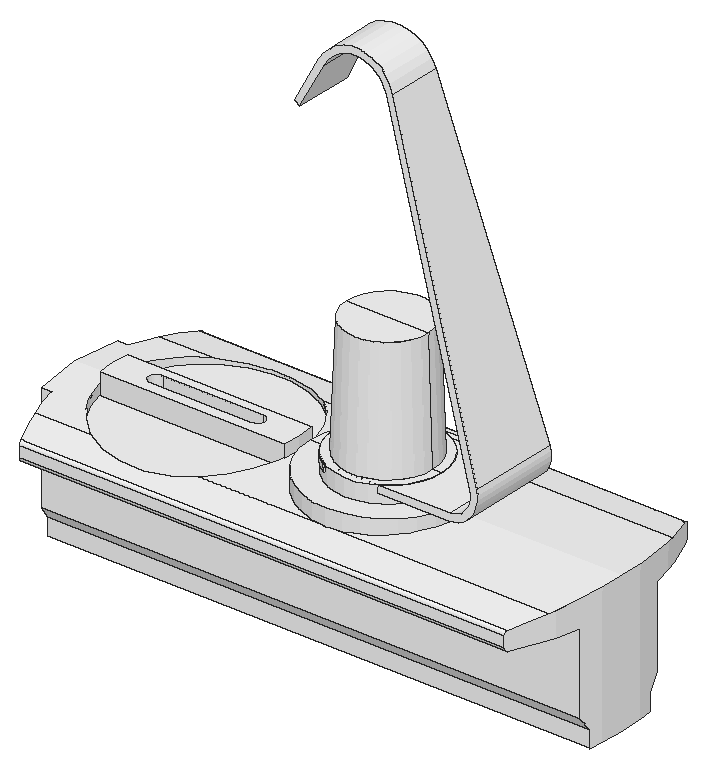
Revit family "Lighting_Other_Nordlux_Link_Adaptor", category Lighting Fixtures, host Face, Revit 2017
Family settings
  Host = Face
  Round Connector Dimension = Use Diameter
  Part Type = Normal
  OmniClass Number = 23.80.70.11.14.21
  OmniClass Title = Spots and Tracklight Specialties
  Cut with Voids When Loaded = No
  Light Source = No
  Shared = No
  Room Calculation Point = No
Parameters (values of type "Link Adaptor - white")
  WarrantyStartDate [instance] = "n/a"
  WarrantyGuarantorParts = "n/a"
  WarrantyGuarantorLabor = "n/a"
  WarrantyDurationUnit = "Year"
  WarrantyDurationParts = "n/a"
  WarrantyDurationLabor = "n/a"
  WarrantyDescription = "n/a"
  VersionDate = "30/08/2019"  # constant formula
  Version = "1"  # constant formula
  UsageCurrent = 0 A
  Uniclass2015Reference = "Pr_70_70_48_47"
  Uniclass2015Description = "Lighting tracks"
  Uniclass2 = "Pr_70_70_49_44"
  URL = "https://www.nordlux.com/products/product/79069901"
  Type Comments = ""
  TotalWattage = 115 W
  TagNumber [instance] = "n/a"
  SustainabilityPerformance = "n/a"
  Size = "80x35x80 mm"
  Shape = "Rectangular"
  SerialNumber [instance] = "n/a"
  Revision = "n/a"
  ReplacementCost = "n/a"
  RailMainMaterial = White
  ProductInformation = "Pendant bracket for Link track system from Nordlux."
  Product data url = "https://www.bimobject.com/nordlux/product/link_system_adapt"
  PhaseReference = "n/a"
  PhaseAngle = 0.00°
  NumberOfSources = 0
  NumberOfPoles = 1
  NominalWidth = 81.6 mm
  NominalVoltage = 230 V
  NominalHeight = 79.5 mm
  NominalFrequencyRange = 0 Hz
  NominalDepth = 34 mm
  NominalCurrent = 0 A
  Name = "Nordlux_Link_Adaptor"
  NBSReference = "90-60-50-430"
  NBSDescription = "Lighting tracks"
  ModelReference = "n/a"
  ModelNumber = ArticleNumber  # "79069901"
  Model = "Link Adaptor - white"
  Material = "Plastic"
  ManufacturersSpecificInformation = "n/a"
  ManufacturerURL = "https://www.nordlux.com/"
  ManufacturerName = "Nordlux"
  Manufacturer = "Nordlux"
  MaintenanceFactor = 0
  LightFixturePlacingType = "Ceiling"
  LightFixtureMountingType = "Surface"
  InsulationStandardClass = "Class 1 (Earth contact)"
  InstallationDate [instance] = "n/a"
  IfcExportType = "NOTDEFINED"  # constant formula
  IfcExportAs = "IfcLightFixtureType"  # constant formula
  IP_Code = "IP20"
  HasProtectiveEarth = no
  Grade = "n/a"
  Finish = "n/a"
  Features = "n/a"
  ExpectedLife = "n/a"
  ElectricalDeviceNominalPower = 0 VA
  EAN Number = "5701581273283"
  DurationUnit = "Year"
  Description = "Pendant bracket for Link track system from Nordlux."
  Default Elevation = 0 mm
  ConvergoRefNr = "0143-1909-0037-DK"
  Constituents = "n/a"
  Color = "White"
  CodePerformance = "n/a"
  Category = "Power strip"
  Brand = "Nordlux"
  Barcode [instance] = "n/a"
  BIMObjectName = "Lighting_Other_Nordlux_Link_Adaptor"
  Author = "Convergo AB"  # constant formula
  AssetType = "Fixed"
  AssetIdentifier [instance] = "n/a"
  Assembly Code = ""
  ArticleNumber = "79069901"
  AccessibilityPerformance = "n/a"
Types (3, lengths in mm): name | URL | RailMainMaterial | ModelNumber | Model | EAN Number | Color | ArticleNumber
  (no name) | "https://www.nordlux.com/products/product/79069901" | White | "79069901" | "Link Adaptor - white" | "5701581273283" | "White" | "79069901"
  Link Adaptor - black | "https://www.nordlux.com/products/product/79069903" | Black | "79069903" | "Link Adaptor - black" | "5701581356986" | "Black" | "79069903"
  Link Adaptor - white | "https://www.nordlux.com/products/product/79069901" | White | "79069901" | "Link Adaptor - white" | "5701581273283" | "White" | "79069901"
Reference planes
  plane 1 "Center (Front/Back)": y = 0
  plane 2: z = 0
  plane 3 "Center (Left/Right)": x = 0
  plane 4: x = -40.8
  plane 5: x = 40.8
  plane 6: z = 79.5
  plane 7: y = 17
  plane 8: y = -17
Dimensions and locks
  equal spacing: plane 4, plane 3 "Center (Left/Right)", plane 5
  "NominalWidth": plane 4 to plane 5
  "NominalHeight": plane 6 to level
  equal spacing: plane 7, plane 1 "Center (Front/Back)", plane 8
  "NominalDepth": plane 7 to plane 8
  aligned and locked: plane 2 to host face
  aligned and locked: level to host face
Automatic sketch dimensions
  host sketch curve to host sketch curve = 2438.4 mm  (x2)
Nested families
  nested 1: "Adaptor" at (0, 0, 0), Main <- "RailMainMaterial", type "Adaptor"
    with Main White
Definition of nested family "Adaptor"
  Parameters (values of type "Adaptor")
    Main [instance] = none
    Default Elevation = 1219.2 mm
  Reference planes
    plane 1 "Center (Front/Back)": y = 0
    plane 2: z = 0
    plane 3 "Center (Left/Right)": x = 0
    plane 4: x = 40.8
    plane 5: x = -40.8
    plane 6: y = 17
    plane 7: y = -17
    plane 8: z = 79.544
  Forms (mm)
    Extrusion 1, solid
      sketch origin (0, 0, 0) x (1, 0, 0) y (0, 1, 0)
        loop
          line (-1219.2, 1219.2) -> (-1219.2, -1219.2) -> (1219.2, -1219.2) -> (1219.2, 1219.2) -> (-1219.2, 1219.2)
      from 0 to -304.8
    Extrusion 2, solid, material <- "Main", detail levels medium+fine
      sketch origin (0, 0, 0) x (0, 1, 0) y (0, 0, 1)
        loop
          arc (16.442, 16.5) -> (16.837, 16.663) -> (17, 17.058) r 0.558
          line (17, 17.058) -> (17, 18.711)
          arc (17, 18.711) -> (16.861, 19.094) -> (16.509, 19.298) r 0.597
          arc (16.509, 19.298) -> (14.01, 19.713) -> (11.502, 20.06) r 93.89
          arc (11.502, 20.06) -> (0, 20.773) -> (-11.502, 20.06) r 93.066
          arc (-11.502, 20.06) -> (-14.01, 19.713) -> (-16.509, 19.298) r 93.89
          arc (-16.509, 19.298) -> (-16.861, 19.094) -> (-17, 18.711) r 0.597
          line (-17, 18.711) -> (-17, 17.124)
          arc (-17, 17.124) -> (-16.817, 16.683) -> (-16.376, 16.5) r 0.624
          line (-16.376, 16.5) -> (-7.1, 16.5) -> (-7.1, 4.5) -> (-5.6, 2.5) -> (-5.6, 0) -> (5.6, 0) -> (5.6, 2.5) -> (7.1, 4.5) -> (7.1, 16.5) -> (16.442, 16.5)
      from -46.792 to 46.792
    Extrusion 3, void
      sketch origin (0, 0, 0) x (1, 0, 0) y (0, 1, 0)
        loop
          arc (34.773, 20.304) -> (40.798, 0.36) -> (35.161, -19.696) r 37.215
          line (35.161, -19.696) -> (48.779, -19.696) -> (48.779, 20.304) -> (34.773, 20.304)
      from -9.805 to 34.121
    Extrusion 4, void
      sketch origin (0, 0, 0) x (1, 0, 0) y (0, 1, 0)
        loop
          arc (-38.566, 7.1) -> (-37.065, 12.831) -> (-34.781, 18.298) r 42.466
          line (-34.781, 18.298) -> (-50.58, 18.298) -> (-50.58, -19.942) -> (-33.909, -19.942)
          arc (-33.909, -19.942) -> (-36.757, -13.71) -> (-38.566, -7.1) r 42.466
          line (-38.566, -7.1) -> (-40.077, -7.1)
          arc (-40.077, -7.1) -> (-40.798, 0) -> (-40.077, 7.1) r 35.341
          line (-40.077, 7.1) -> (-38.566, 7.1)
      from -9.491 to 28.927
    Extrusion 5, solid, material <- "Main", detail levels medium+fine
      sketch origin (0, 0, 0) x (1, 0, 0) y (0, 0, 1)
        loop
          line (8.362, 75.073) -> (23.351, 28.942)
          arc (23.351, 28.942) -> (22.923, 26.241) -> (20.487, 25) r 3.011
          line (20.487, 25) -> (-3.056, 25) -> (-3.056, 24) -> (20.503, 24)
          arc (20.503, 24) -> (23.739, 25.649) -> (24.307, 29.236) r 4
          line (24.307, 29.236) -> (9.312, 75.385)
          arc (9.312, 75.385) -> (4.078, 79.512) -> (-1.737, 76.255) r 5.998
          line (-1.737, 76.255) -> (-5.049, 69.755) -> (-4.158, 69.301) -> (-0.848, 75.798)
          arc (-0.848, 75.798) -> (3.999, 78.512) -> (8.362, 75.073) r 5
      from -22.247 to 17
    Extrusion 6, void
      sketch origin (0, 0, 0) x (0, 1, 0) y (0, 0, 1)
        loop
          line (7.415, 19.953) -> (29.116, 19.953) -> (29.116, 82.547) -> (4.116, 82.547) -> (7.415, 19.953)
        loop
          line (-2.975, 82.547) -> (-22.975, 82.547) -> (-22.975, 19.953) -> (-7.246, 19.953) -> (-2.975, 82.547)
      from -40.351 to 61.298
    Revolve 7, solid, material <- "Main", detail levels medium+fine
      sketch origin (0, 0, 0) x (1, 0, 0) y (0, 0, 1)
        loop
          line (5.805, 43) -> (-0.316, 43) -> (-0.944, 25) -> (-2.198, 25) -> (-2.198, 22.5) -> (-5.7, 22.5) -> (-5.7, 16.511) -> (5.805, 16.511) -> (5.805, 43)
        axis (5.805, 43) -> (5.805, 16.511)
      angle from 0 to 360
    Revolve 8, void
      sketch origin (0, 0, 0) x (1, 0, 0) y (0, 0, 1)
        loop
          line (-21.26, 26.024) -> (-35.325, 26.024) -> (-35.325, 19.258) -> (-21.26, 19.258) -> (-21.26, 26.024)
        axis (-21.26, 26.024) -> (-21.26, 19.258)
      angle from 0 to 360
    Extrusion 9, solid, material <- "Main", detail levels medium+fine
      sketch origin (0, 0, 0) x (1, 0, 0) y (0, 1, 0)
        loop
          line (-7.545, 2.5) -> (-34.895, 2.5)
          arc (-34.895, 2.5) -> (-35.036, 1.533) -> (-35.109, 0.559) r 14
          arc (-35.109, 0.559) -> (-35.086, -0.976) -> (-34.895, -2.5) r 14
          line (-34.895, -2.5) -> (-7.544, -2.5)
          arc (-7.544, -2.5) -> (-7.32, 0) -> (-7.545, 2.5) r 14
        loop
          line (-28.692, -1.15) -> (-13.687, -1.15)
          arc (-13.687, -1.15) -> (-12.537, 0) -> (-13.687, 1.15) r 1.15
          line (-13.687, 1.15) -> (-28.692, 1.15)
          arc (-28.692, 1.15) -> (-29.842, 0) -> (-28.692, -1.15) r 1.15
      from 10.7 to 22.5
    Extrusion 10, solid, material <- "Main", detail levels coarse
      sketch origin (0, 0, 0) x (1, 0, 0) y (0, 1, 0)
        loop
          line (-40.8, 17) -> (-40.8, -17) -> (40.8, -17) -> (40.8, 17) -> (-40.8, 17)
      from 0 to 79.544
    Extrusion 11, void
      sketch origin (0, 0, 0) x (1, 0, 0) y (0, 1, 0)
        loop
          line (6.147, 7.993) -> (6.147, 9.657) -> (-5.402, 9.657) -> (-5.402, -9.814) -> (6.239, -9.814) -> (6.239, -7.988)
          arc (6.239, -7.988) -> (1.314, -6.663) -> (-1.81, -2.634) r 8.003
          arc (-1.81, -2.634) -> (-2.227, 0.686) -> (-1.249, 3.886) r 8.003
          arc (-1.249, 3.886) -> (1.862, 6.997) -> (6.147, 7.993) r 8.003
      from 8.623 to 36.953
  Cuts and joins
    Extrusion 3, Extrusion 4, Revolve 8 cuts Extrusion 2
    joined: Extrusion 2, Revolve 7
    Extrusion 6, Extrusion 11 cuts Extrusion 5
  Lines and regions (mm)
    symbolic lines, detail levels medium+fine
      curve 1: line (-35.405, 17, 0) -> (36.69, 17, 0)
      curve 2: arc (-38.566, 7.1, 0) -> (-37.29, 12.147, 0) -> (-35.405, 17, 0) r 42.466
      curve 11: line (-35.405, -17, 0) -> (36.69, -17, 0)
      curve 12: line (-39.584, -7.1, 0) -> (-38.566, -7.1, 0)
      curve 13: arc (-38.566, -7.1, 0) -> (-37.29, -12.147, 0) -> (-35.405, -17, 0) r 42.466
      curve 14: arc (36.69, 17, 0) -> (40.8, 0, 0) -> (36.69, -17, 0) r 37.215
      curve 15: arc (-39.584, -7.1, 0) -> (-39.967, -6.962, 0) -> (-40.174, -6.612, 0) r 0.6
      curve 16: line (-39.584, 7.1, 0) -> (-38.566, 7.1, 0)
      curve 17: arc (-39.584, 7.1, 0) -> (-39.967, 6.962, 0) -> (-40.174, 6.612, 0) r 0.6
      curve 18: arc (-40.174, 6.612, 0) -> (-40.798, 0, 0) -> (-40.174, -6.612, 0) r 35.341
      curve 39: line (0, 6.942, 28.927) -> (0, 4.274, 79.544)
      curve 40: line (0, -3.18, 79.544) -> (0, -5.673, 43)
      curve 41: line (0, 4.274, 79.544) -> (0, -3.18, 79.544)
      curve 47: line (0, 8, 25) -> (0, 7.273, 25)
      curve 48: line (0, -10.969, 22.5) -> (0, -8, 22.5)
      curve 49: line (0, 8, 25) -> (0, 8, 22.5)
      curve 50: line (0, -8, 25) -> (0, -8, 22.5)
      curve 51: line (0, 11.502, 20.06) -> (0, 11.502, 21.972)
      curve 52: arc (0, 11.502, 21.972) -> (0, 11.347, 22.345) -> (0, 10.974, 22.5) r 0.528
      curve 53: line (0, -11.502, 20.085) -> (0, -11.502, 21.967)
      curve 54: arc (0, -11.502, 21.967) -> (0, -11.345, 22.344) -> (0, -10.969, 22.5) r 0.533
      curve 55: arc (0, 7.273, 25) -> (0, 7.077, 26.961) -> (0, 6.942, 28.927) r 62.842
      curve 56: arc (0, -6.583, 29.778) -> (0, -6.764, 27.383) -> (0, -7.062, 25) r 48.823
      curve 57: arc (0, 16.591, 19.284) -> (0, 14.052, 19.706) -> (0, 11.502, 20.06) r 93.89
      curve 58: line (0, 17, 16.5) -> (0, 17, 18.795)
      curve 59: arc (0, 17, 18.795) -> (0, 16.884, 19.113) -> (0, 16.591, 19.284) r 0.497
      curve 60: line (0, -17, 16.5) -> (0, -17, 18.745)
      curve 61: arc (0, -16.505, 19.335) -> (0, -16.86, 19.13) -> (0, -17, 18.745) r 0.6
      curve 62: line (0, -17, 16.5) -> (0, -7.1, 16.5)
      curve 64: line (0, -7.1, 16.5) -> (0, -7.1, 4.5)
      curve 65: line (0, -7.1, 4.5) -> (0, -5.6, 2.5)
      curve 66: line (0, -5.6, 0) -> (0, -5.6, 2.5)
      curve 67: line (0, 5.6, 0) -> (0, -5.6, 0)
      curve 69: line (0, 5.6, 2.5) -> (0, 7.1, 4.5)
      curve 70: line (0, 5.6, 2.5) -> (0, 5.6, 0)
      curve 71: line (0, 17, 16.5) -> (0, 7.1, 16.5)
      curve 72: line (0, 7.1, 16.5) -> (0, 7.1, 4.5)
      curve 73: line (0, 8, 22.5) -> (0, 10.974, 22.5)
      curve 76: arc (0, -11.502, 20.085) -> (0, -14.008, 19.744) -> (0, -16.505, 19.335) r 93.89
      curve 77: line (0, -7.062, 25) -> (0, -8, 25)
      curve 81: line (0, -6.2, 43) -> (0, -6.2, 39.274)
      curve 82: arc (0, -6.2, 39.274) -> (0, -6.26, 34.537) -> (0, -6.44, 29.803) r 187.603
      curve 83: line (8.362, 0, 75.073) -> (23.351, 0, 28.942)
      curve 84: line (9.312, 0, 75.385) -> (24.307, 0, 29.236)
      curve 85: line (-4.158, 0, 69.301) -> (-0.848, 0, 75.798)
      curve 86: line (-5.049, 0, 69.755) -> (-1.737, 0, 76.255)
      curve 87: line (-5.049, 0, 69.755) -> (-4.158, 0, 69.301)
      curve 88: arc (-1.737, 0, 76.255) -> (4.078, 0, 79.512) -> (9.312, 0, 75.385) r 5.998
      curve 89: arc (-0.848, 0, 75.798) -> (3.999, 0, 78.512) -> (8.362, 0, 75.073) r 5
      curve 90: line (20.487, 0, 25) -> (12.569, 0, 25)
      curve 91: line (20.503, 0, 24) -> (13.898, 0, 24)
      curve 92: arc (24.307, 0, 29.236) -> (23.739, 0, 25.649) -> (20.503, 0, 24) r 4
      curve 93: arc (23.351, 0, 28.942) -> (22.923, 0, 26.241) -> (20.487, 0, 25) r 3.011
      curve 94: line (11.701, 0, 43) -> (-0.091, 0, 43)
      curve 95: line (12.569, 0, 25) -> (11.931, 0, 42.777)
      curve 96: arc (11.931, 0, 42.777) -> (11.861, 0, 42.935) -> (11.701, 0, 43) r 0.231
      curve 97: line (-0.944, 0, 25) -> (-0.324, 0, 42.776)
      curve 98: arc (-0.324, 0, 42.776) -> (-0.253, 0, 42.935) -> (-0.091, 0, 43) r 0.232
      curve 99: line (-2.198, 0, 25) -> (-2.198, 0, 24)
      curve 100: line (13.898, 0, 24) -> (13.898, 0, 22.5)
      curve 101: line (-2.198, 0, 24) -> (-2.198, 0, 22.5)
      curve 102: line (-5.174, 0, 22.5) -> (-2.198, 0, 22.5)
      curve 103: line (-34.689, 0, 22.5) -> (-7.711, 0, 22.5)
      curve 104: line (-40.204, 0, 20.761) -> (-35.944, 0, 20.761)
      curve 105: line (40.8, 0, 20.761) -> (40.8, 0, 0)
      curve 106: line (40.8, 0, 0) -> (-39.569, 0, 0)
      curve 107: line (-39.569, 0, 0) -> (-40.8, 0, 8.76)
      curve 108: line (-40.8, 0, 8.76) -> (-40.8, 0, 20.165)
      curve 109: arc (-35.944, 0, 20.761) -> (-35.573, 0, 20.705) -> (-35.201, 0, 20.65) r 96.72
      curve 110: line (-5.7, 0, 20.761) -> (-5.7, 0, 21.974)
      curve 111: arc (-5.7, 0, 21.974) -> (-5.546, 0, 22.346) -> (-5.174, 0, 22.5) r 0.526
      curve 112: line (17.301, 0, 20.761) -> (17.301, 0, 21.979)
      curve 113: arc (16.779, 0, 22.5) -> (17.148, 0, 22.347) -> (17.301, 0, 21.979) r 0.521
      curve 115: line (17.301, 0, 20.761) -> (40.8, 0, 20.761)
      curve 116: line (-35.201, 0, 20.65) -> (-35.201, 0, 21.988)
      curve 117: arc (-35.201, 0, 21.988) -> (-35.051, 0, 22.35) -> (-34.689, 0, 22.5) r 0.512
      curve 118: line (-7.195, 0, 20.668) -> (-7.195, 0, 21.984)
      curve 119: arc (-7.711, 0, 22.5) -> (-7.346, 0, 22.349) -> (-7.195, 0, 21.984) r 0.516
      curve 120: line (-6.576, 0, 20.761) -> (-5.7, 0, 20.761)
      curve 122: arc (-7.195, 0, 20.668) -> (-6.885, 0, 20.714) -> (-6.576, 0, 20.761) r 96.72
      curve 133: arc (-40.8, 0, 20.165) -> (-40.625, 0, 20.586) -> (-40.204, 0, 20.761) r 0.596
      curve 134: line (-0.944, 0, 25) -> (-2.198, 0, 25)
      curve 137: line (13.898, 0, 22.5) -> (16.779, 0, 22.5)
      curve 151: line (0, -5.673, 43) -> (0, -6.2, 43)
    symbolic lines, detail levels fine
      curve 3: circle (-21.198, 0, 0) r 15 normal (0, 0, 1)
      curve 4: circle (-21.198, 0, 0) r 14 normal (0, 0, 1)
      curve 5: line (-7.423, 2.5, 0) -> (-34.973, 2.5, 0)
      curve 6: line (-34.973, -2.5, 0) -> (-7.423, -2.5, 0)
      curve 7: line (-28.692, -1.15, 0) -> (-13.687, -1.15, 0)
      curve 8: line (-13.687, 1.15, 0) -> (-28.692, 1.15, 0)
      curve 9: arc (-28.692, 1.15, 0) -> (-29.842, 0, 0) -> (-28.692, -1.15, 0) r 1.15
      curve 10: arc (-13.687, -1.15, 0) -> (-12.537, 0, 0) -> (-13.687, 1.15, 0) r 1.15
      curve 19: line (24.501, 7.073, 0) -> (6.147, 7.993, 0)
      curve 20: line (24.501, 7.073, 0) -> (24.501, 0, 0)
      curve 21: line (24.501, -7.073, 0) -> (6.147, -7.993, 0)
      curve 22: line (24.501, -7.073, 0) -> (24.501, 0, 0)
      curve 23: arc (6.147, 7.993, 0) -> (1.862, 6.997, 0) -> (-1.249, 3.886, 0) r 8.003
      curve 24: arc (14.33, 7.582, 0) -> (-5.706, 0, 0) -> (14.33, -7.582, 0) r 11.453
      curve 25: line (-3.755, -2.356, 0) -> (-1.81, -2.634, 0)
      curve 26: line (-1.739, 3.86, 0) -> (-3.755, 3.637, 0)
      curve 27: spline (-3.755, 3.637, 0) -> (-4.082, 3.535, 0) -> (-4.386, 3.236, 0) -> (-4.647, 2.76, 0) -> (-4.847, 2.139, 0) -> (-4.973, 1.416, 0) -> (-5.016, 0.641, 0) -> (-4.973, -0.135, 0) -> (-4.847, -0.857, 0) -> (-4.647, -1.478, 0) -> (-4.386, -1.954, 0) -> (-4.082, -2.253, 0) -> (-3.755, -2.356, 0)
      curve 28: line (-1.739, 3.86, 0) -> (4.975, 4.212, 0)
      curve 29: line (23.356, 6.942, 0) -> (9.533, 4.699, 0)
      curve 30: arc (4.975, 4.212, 0) -> (7.26, 4.394, 0) -> (9.533, 4.699, 0) r 42.275
      curve 31: line (11.16, -4.072, 0) -> (23.356, -6.634, 0)
      curve 32: line (-1.81, -2.634, 0) -> (6.153, -3.33, 0)
      curve 33: arc (6.153, -3.33, 0) -> (8.668, -3.626, 0) -> (11.16, -4.072, 0) r 42.3
      curve 34: arc (10.462, 4.85, 0) -> (5.162, 6.739, 0) -> (0.266, 3.965, 0) r 6.764
      curve 35: arc (23.411, 7.127, 0) -> (23.442, 7.018, 0) -> (23.356, 6.942, 0) r 0.107
      curve 36: arc (23.356, -6.634, 0) -> (23.562, -6.862, 0) -> (23.407, -7.127, 0) r 0.261
      curve 37: arc (-1.81, -2.634, 0) -> (1.276, -6.638, 0) -> (6.147, -7.993, 0) r 8.003
      curve 38: arc (-0.432, -2.754, 0) -> (4.972, -6.72, 0) -> (11.136, -4.088, 0) r 6.764
      curve 42: line (0, 4.045, 79.544) -> (0, 3.659, 72.673)
      curve 43: line (0, -2.917, 79.544) -> (0, -2.413, 72.623)
      curve 44: arc (0, 3.632, 72.411) -> (0, 0.651, 69.309) -> (0, -2.382, 72.361) r 3.008
      curve 45: arc (0, 3.659, 72.673) -> (0, 0.646, 69.802) -> (0, -2.413, 72.623) r 3.042
      curve 46: line (0, 6.2, 43) -> (0, -5.673, 43)
      curve 63: line (0, -7.1, 16.5) -> (0, -7.1, 20.518)
      curve 68: line (0, 7.1, 20.503) -> (0, 7.1, 16.5)
      curve 74: line (0, -8, 22.5) -> (0, 8, 22.5)
      curve 75: arc (0, 11.502, 20.06) -> (0, 0.001, 20.779) -> (0, -11.502, 20.085) r 93.89
      curve 78: line (0, 7.273, 25) -> (0, -7.062, 25)
      curve 79: line (0, 6.2, 43) -> (0, 6.2, 39.274)
      curve 80: arc (0, 6.2, 39.274) -> (0, 6.336, 32.132) -> (0, 6.744, 25) r 187.603
      curve 114: arc (17.301, 0, 20.761) -> (5.8, 0, 20.104) -> (-5.7, 0, 20.761) r 101.043
      curve 121: arc (-35.201, 0, 20.65) -> (-21.198, 0, 19.64) -> (-7.195, 0, 20.668) r 96.72
      curve 123: line (-38.563, 0, 17.5) -> (-38.563, 0, 20.761)
      curve 124: line (-34.298, 0, 16.5) -> (40.239, 0, 16.5)
      curve 125: line (40.239, 0, 16.5) -> (40.239, 0, 0)
      curve 126: line (-38.563, 0, 17.5) -> (-34.298, 0, 17.5)
      curve 127: line (-34.298, 0, 17.5) -> (-34.298, 0, 16.5)
      curve 128: line (-35.087, 0, 19.371) -> (36.69, 0, 19.371)
      curve 129: line (-35.087, 0, 19.371) -> (-38.563, 0, 20.761)
      curve 130: line (36.69, 0, 19.371) -> (40.509, 0, 20.761)
      curve 131: line (36.69, 0, 19.371) -> (36.69, 0, 16.5)
      curve 132: line (-35.087, 0, 19.371) -> (-35.087, 0, 17.5)
      curve 135: line (12.569, 0, 25) -> (-0.944, 0, 25)
      curve 136: line (-2.198, 0, 22.5) -> (13.898, 0, 22.5)
      curve 138: line (13.898, 0, 24) -> (-2.198, 0, 24)
      curve 139: line (-40.8, 0, 14.462) -> (-35.369, 0, 14.462)
      curve 140: line (-35.369, 0, 14.462) -> (-35.369, 0, 11.5)
      curve 141: line (-35.369, 0, 11.5) -> (-40.8, 0, 11.5)
      curve 142: line (0, 7.1, 8) -> (0, -7.1, 8)
      curve 143: line (0, 1.6, 8) -> (0, 1.6, 0)
      curve 144: line (0, -1.6, 8) -> (0, -1.6, 0)
      curve 145: line (0, 7.1, 11.425) -> (0, -0.093, 11.425)
      curve 146: line (0, -0.093, 11.425) -> (0, -0.093, 14.593)
      curve 147: line (0, -0.093, 14.593) -> (0, 7.1, 14.593)
      curve 148: line (0, -7.1, 14.575) -> (0, -2.608, 14.575)
      curve 149: line (0, -2.608, 14.575) -> (0, -2.608, 11.408)
      curve 150: line (0, -2.608, 11.408) -> (0, -7.1, 11.408)
      curve 152: arc (0, -6.44, 29.803) -> (0, -6.576, 27.401) -> (0, -6.744, 25) r 187.603
  Dimensions and locks
    aligned and locked: plane 2 to Extrusion 1
    aligned and locked: level to Extrusion 1
